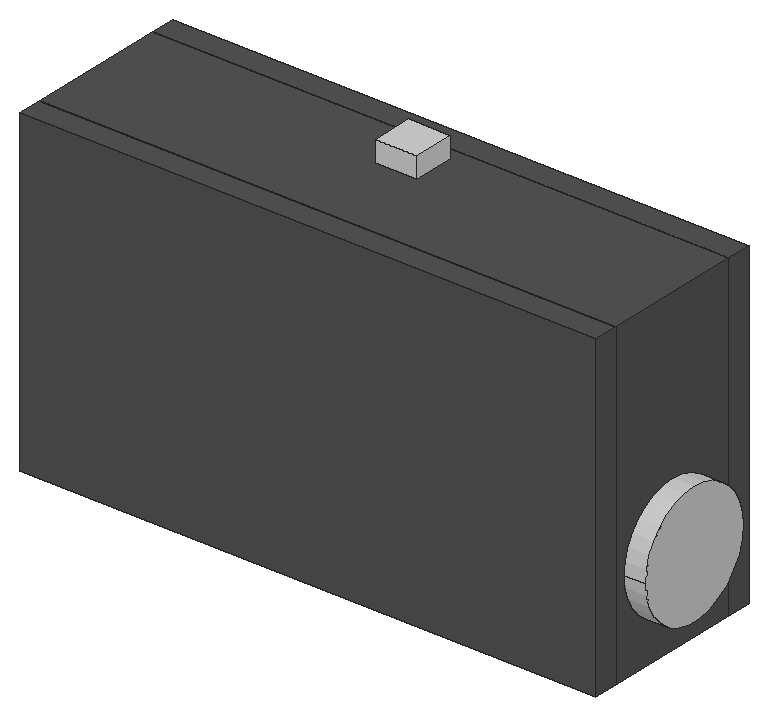
Revit family "Block 1100 (10.24)", category Оборудование, Revit 2019
Family settings
  Размер круглого соединителя = Использовать диаметр
  Классификация = Нет
  Тип детали = Нормальный
  На основе рабочей плоскости = Нет
  Всегда вертикально = Да
  При загрузке вырезать с полостями = Нет
  Общий = Нет
  Точка расчета площади = Нет
Parameters (values of type "Block 1100")
  СЗ Справа [instance] = no
  СЗ Слева [instance] = no
  Ф СЗ = 400 mm  # constant formula
  Материал патрубков = Материал Па
  Материал креплений = Материал Кр
  Материал корпуса = Материал ПУ
  Материал СЗ = Материал СЗ
  Материал КА = Материал КА
  Крепежи [instance] = no
  СЗ КА [instance] = no
  КА отступ 2 = 80 mm  # constant formula
  КА Ширина = 85 mm  # constant formula
  КА Отступ = 50 mm  # constant formula
  КА Высота = 43 mm  # constant formula
  КА [instance] = yes
  П Длина = 45 mm  # constant formula
  КА Длина = 85 mm  # constant formula
  К Стенка Толщина = 50.5 mm  # constant formula
  К Глубина = 392 mm  # constant formula
  П Отступ снизу = 192.5 mm  # constant formula
  П Диаметр = 250 mm  # constant formula
  К Высота = 660 mm  # constant formula
  ADSK_Ток = ADSK_Номинальная мощность / ADSK_Напряжение  # 2.27273 A
  ADSK_Свободный напор воздуха = 200.0 Pa  # constant formula
  ADSK_Расход воздуха приточный = 1100.0 m³/h  # constant formula
  ADSK_Примечание = ""
  ADSK_Номинальная мощность = 500 W
  ADSK_Напряжение = 220 V
  ADSK_Наименование краткое [instance] = "Канальный очиститель с высокой фильтрацией воздуха"  # constant formula
  ADSK_Наименование = "Канальный очиститель с высокой фильтрацией воздуха"  # constant formula
  ADSK_Марка = "Block 1100"  # constant formula
  ADSK_Количество фаз = 1
  ADSK_Количество = 1
  ADSK_Код изделия = ""
  ADSK_Завод-изготовитель = "ООО «Турков»"  # constant formula
  ADSK_Единица измерения = "шт."  # constant formula
  К Длина = 1185 mm  # constant formula
Reference planes
  plane 1 "По центру (Вперед/Назад)": y = 0
  plane 2: z = 0
  plane 3 "По центру (Влево/Вправо)": x = 0
  plane 4: y = 196
  plane 5: x = 592.5
  plane 6: x = -592.5
  plane 7: y = -196
  plane 8: y = 145.5
  plane 9: y = -145.5
  plane 10: z = 660
  plane 11: y = 596
  plane 12: y = -596
  plane 13: z = 610
  plane 14: y = 116
Forms (mm)
  Extrusion 1, solid, material "Материал ПУ" <- "Материал корпуса"
    sketch origin (0, 0, 0) x (1, 0, 0) y (0, 1, 0)
      loop
        line (-592.5, 145.5) -> (-592.5, -145.5) -> (592.5, -145.5) -> (592.5, 145.5) -> (-592.5, 145.5)
    from 0 to 660
  Extrusion 2, solid, material "Материал ПУ" <- "Материал корпуса"
    sketch origin (0, 0, 0) x (1, 0, 0) y (0, 1, 0)
      loop
        line (-592.5, 196) -> (-592.5, 145.5) -> (592.5, 145.5) -> (592.5, 196) -> (-592.5, 196)
      loop
        line (-592.5, -145.5) -> (-592.5, -196) -> (592.5, -196) -> (592.5, -145.5) -> (-592.5, -145.5)
    from 0 to 660
  Extrusion 3, solid, material "Материал СЗ" <- "Материал СЗ", visible <- "СЗ Слева", detail levels fine
    sketch origin (-708.552, -1524, 660) x (-1, 0, 0) y (0, -1, 0)
      loop
        line (-116.052, -2120) -> (-116.052, -1720) -> (-1301.052, -1720) -> (-1301.052, -2120) -> (-116.052, -2120)
    from 0 to -660
  Extrusion 4, solid, material "Материал СЗ" <- "Материал СЗ", visible <- "СЗ Справа", detail levels fine
    sketch origin (0, 0, 0) x (1, 0, 0) y (0, 1, 0)
      loop
        line (-592.5, -196) -> (-592.5, -596) -> (592.5, -596) -> (592.5, -196) -> (-592.5, -196)
    from 0 to 660
Dimensions and locks
  equal spacing: plane 6, plane 3 "По центру (Влево/Вправо)", plane 5
  equal spacing: plane 4, plane 1 "По центру (Вперед/Назад)", plane 7
  "К Длина": plane 6 to plane 5
  "К Глубина": plane 4 to plane 7
  "К Стенка Толщина": plane 4 to plane 8
  "К Стенка Толщина": plane 9 to plane 7
  "К Высота": plane 10 to plane 2
  "Ф СЗ": plane 11 to plane 4
  "Ф СЗ": plane 7 to plane 12
  equal spacing: plane 5, plane 3 "По центру (Влево/Вправо)", plane 6
  "КА Отступ": plane 10 to plane 13
  "КА отступ 2": plane 4 to plane 14
  aligned and locked: level to plane 2
  aligned and locked: Extrusion 1 sketch curve to plane 8
  aligned and locked: plane 6 to Extrusion 1 sketch curve
  aligned and locked: plane 9 to Extrusion 1 sketch curve
  aligned and locked: Extrusion 1 sketch curve to plane 5
  aligned and locked: plane 10 to Extrusion 1
  aligned and locked: plane 6 to Extrusion 2 sketch curve  (x2)
  aligned and locked: Extrusion 2 sketch curve to plane 8
  aligned and locked: Extrusion 2 sketch curve to plane 5  (x2)
  aligned and locked: Extrusion 2 sketch curve to plane 4
  aligned and locked: Extrusion 2 sketch curve to plane 9
  aligned and locked: plane 7 to Extrusion 2 sketch curve
  aligned and locked: plane 10 to Extrusion 2
  aligned and locked: Extrusion 2 to plane 2
  aligned and locked: Extrusion 3 sketch curve to plane 11
  aligned and locked: plane 6 to Extrusion 3 sketch curve
  aligned and locked: plane 4 to Extrusion 3 sketch curve
  aligned and locked: Extrusion 3 sketch curve to plane 5
  aligned and locked: Extrusion 3 to plane 10  (x3)
  aligned and locked: Extrusion 3 to plane 2
  aligned and locked: plane 2 to Extrusion 3  (x2)
  aligned and locked: Extrusion 3 to plane 4
  aligned and locked: plane 4 to Extrusion 2
  aligned and locked: plane 11 to Extrusion 3
  aligned and locked: Extrusion 4 sketch curve to plane 12
  aligned and locked: Extrusion 4 sketch curve to plane 5
  aligned and locked: plane 6 to Extrusion 4 sketch curve
  aligned and locked: Extrusion 4 sketch curve to plane 7
  aligned and locked: plane 10 to Extrusion 4
  aligned and locked: plane 5 to nested 1
  aligned and locked: plane 1 "По центру (Вперед/Назад)" to nested 1
  aligned and locked: plane 2 to nested 1
  aligned and locked: plane 1 "По центру (Вперед/Назад)" to nested 2
  aligned and locked: plane 3 "По центру (Влево/Вправо)" to nested 2
  aligned and locked: nested 2 to plane 2
  aligned and locked: nested 3 to plane 10
  aligned and locked: plane 3 "По центру (Влево/Вправо)" to nested 3
  aligned and locked: nested 3 to plane 14
Nested families
  nested 1: "ПатКр" at (0, 0, 192.5), L <- "К Длина", A <- "П Длина", D <- "П Диаметр", Отст снизу <- "П Отступ снизу", type "ПатКр"
    with Отст снизу 192.5 mm, L 1185 mm, D 250 mm, A 45 mm
  nested 2: "Крепежи" at (0, 0, 0), Высота <- "К Высота", Глубина <- "К Глубина", Длина <- "К Длина", Стенка <- "К Стенка Толщина", visible <- "Крепежи", type "Крепежи"
    with Шп слева-справа yes, Шп сверху-снизу no, Стенка 50.5 mm, Петли no, Отступ з 50 mm, Отст пет 229.784 mm, Опоры no, Опора no, З справа yes, З слева-справа no, З сверху-снизу yes, З посередине no, Длина СЗ 190 mm, Длина 1185 mm, Глубина 392 mm, Высота 660 mm
  nested 3: "КА" at (0, 73.5, 662), Видимость СЗ КА <- "СЗ КА", Видимость КА <- "КА", Длина <- "КА Длина", Ширина <- "КА Ширина", Высота <- "КА Высота", type "КА", detail levels medium+fine
    with Ширина 85 mm, Материал СЗ Материал СЗ, Материал КА Материал КА, Длина 85 mm, Высота 43 mm, Видимость СЗ КА no, Видимость КА yes
Connectors
  hvac at (-637.5, 0, 192.5), driven by "П Диаметр"
    settings: on nested 1, index 1, duct flow 0.0 m³/h, flow factor 0, pres drop 0.0 Pa, loss coef 0, conn angle 0.00°, conn width 304.8 mm, conn height 304.8 mm, conn diameter 250 mm, duct sys type 1, conn prof type 0, flow config 0, flow direction 2, loss method 0, conn ref index 2, conn util no, is conn primary yes, conn desc ""
  hvac at (637.5, 0, 192.5), driven by "П Диаметр"
    settings: on nested 1, index 2, duct flow 0.0 m³/h, flow factor 0, pres drop 0.0 Pa, loss coef 0, conn angle 0.00°, conn width 304.8 mm, conn height 304.8 mm, conn diameter 250 mm, duct sys type 1, conn prof type 0, flow config 0, flow direction 1, loss method 0, conn ref index 1, conn util no, is conn primary no, conn desc ""
Definition of nested family "ПатКр"
  Parameters (values of type "ПатКр")
    П материал = none
    Отст снизу [instance] = 304.8 mm
    D [instance] = 125 mm
    L [instance] = 500 mm
    A [instance] = 40 mm
  Reference planes
    plane 1 "По центру (Вперед/Назад)": y = 0
    plane 2: z = 0
    plane 3 "По центру (Влево/Вправо)": x = 0
    plane 4: x = -250
    plane 5: x = 250
    plane 6: x = -290
    plane 7: x = 290
    plane 8: z = -304.8
  Forms (mm)
    Extrusion 1, solid, material <- "П материал"
      sketch origin (-250, 395.392, 1200) x (0, 1, 0) y (0, 0, 1)
        loop
          circle (-395.392, -1200) r 62.5
      from -40 to 0
    Extrusion 2, solid, material <- "П материал"
      sketch origin (250, 395.392, 1200) x (0, 1, 0) y (0, 0, 1)
        loop
          circle (-395.392, -1200) r 62.5
      from 0 to 40
  Dimensions and locks
    equal spacing: plane 4, plane 3 "По центру (Влево/Вправо)", plane 5
    "L": plane 4 to plane 5
    "A": plane 6 to plane 4
    equal spacing: plane 6, plane 3 "По центру (Влево/Вправо)", plane 7
    "Отст снизу": plane 2 to plane 8
    "D": diameter of Extrusion 1 sketch curve
    "D": diameter of Extrusion 2 sketch curve
    aligned and locked: level to plane 2
    aligned and locked: plane 1 "По центру (Вперед/Назад)" to Extrusion 1 sketch curve
    aligned and locked: level to Extrusion 1 sketch curve
    aligned and locked: Extrusion 1 to plane 6
    aligned and locked: plane 4 to Extrusion 1
    aligned and locked: plane 1 "По центру (Вперед/Назад)" to Extrusion 2 sketch curve
    aligned and locked: plane 2 to Extrusion 2 sketch curve
    aligned and locked: Extrusion 2 to plane 5
    aligned and locked: plane 7 to Extrusion 2
Definition of nested family "Крепежи"
  Parameters (values of type "Крепежи")
    Шп сверху-снизу [instance] = no
    Шп слева-справа [instance] = yes
    Стенка [instance] = 30 mm
    Петли [instance] = no
    Отст пет [instance] = 229.784 mm
    Опоры [instance] = no
    Опора [instance] = no
    Материал = none
    З справа [instance] = if(and([З сверху-снизу], not(З посередине)), 1 = 1, 1 = 0)  # yes
    З слева-справа [instance] = no
    З сверху-снизу [instance] = yes
    З посередине [instance] = no
    Длина СЗ [instance] = 190 mm
    Длина [instance] = 536.692 mm
    Глубина [instance] = 480 mm
    Высота [instance] = 619.568 mm
    Отступ з [instance] = 30 mm
  Reference planes
    plane 1 "По центру (Вперед/Назад)": y = 0
    plane 2: z = 0
    plane 3 "По центру (Влево/Вправо)": x = 0
    plane 4: y = 240
    plane 5: y = -240
    plane 6: x = 268.346
    plane 7: x = -268.346
    plane 8: y = 225
    plane 9: y = -225
    plane 10: x = 238.346
    plane 11: x = -238.346
    plane 12: z = 619.568
    plane 13: z = 589.568
    plane 14: z = 30
    plane 15: z = 309.784
    plane 16: z = 389.784
    plane 17: z = 229.784
    plane 18: x = -78.346
    plane 19: x = -108.346
  Dimensions and locks
    equal spacing: plane 7, plane 3 "По центру (Влево/Вправо)", plane 6
    equal spacing: plane 4, plane 1 "По центру (Вперед/Назад)", plane 5
    locked: plane 4 to plane 8 at 15
    "Отступ з": plane 7 to plane 11
    equal spacing: plane 8, plane 1 "По центру (Вперед/Назад)", plane 9
    "Длина": plane 7 to plane 6
    "Глубина": plane 4 to plane 5
    equal spacing: plane 11, plane 3 "По центру (Влево/Вправо)", plane 10
    equal spacing: plane 12, plane 15, plane 2
    "Высота": plane 12 to plane 2
    equal spacing: plane 13, plane 15, plane 14
    "Отступ з": plane 12 to plane 13
    "Стенка": nested 29 to plane 5
    "Стенка": plane 4 to nested 30
    equal spacing: plane 16, plane 15, plane 17
    "Отст пет": plane 12 to plane 16
    "Отступ з": plane 19 to plane 18
    "Длина СЗ": plane 7 to plane 18
    aligned and locked: level to plane 2
    aligned and locked: plane 8 to nested 1  (x3)
    aligned and locked: plane 11 to nested 1
    aligned and locked: plane 8 to nested 2  (x3)
    aligned and locked: plane 10 to nested 2
    aligned and locked: plane 9 to nested 3  (x2)
    aligned and locked: plane 9 to nested 4  (x2)
    aligned and locked: nested 3 to plane 11
    aligned and locked: nested 4 to plane 10
    aligned and locked: nested 3 to plane 2
    aligned and locked: plane 2 to nested 1
    aligned and locked: nested 4 to plane 2
    aligned and locked: plane 2 to nested 2
    aligned and locked: nested 7 to plane 12
    aligned and locked: plane 12 to nested 5  (x2)
    aligned and locked: plane 12 to nested 7
    aligned and locked: nested 8 to plane 12
    aligned and locked: plane 12 to nested 6
    aligned and locked: plane 12 to nested 8
    aligned and locked: plane 14 to nested 9
    aligned and locked: plane 8 to nested 10  (x3)
    aligned and locked: plane 8 to nested 9  (x3)
    aligned and locked: plane 13 to nested 10
    aligned and locked: plane 9 to nested 12  (x2)
    aligned and locked: plane 9 to nested 11  (x2)
    aligned and locked: nested 11 to plane 14
    aligned and locked: nested 12 to plane 13
    aligned and locked: nested 12 to plane 7  (x2)
    aligned and locked: plane 7 to nested 10
    aligned and locked: nested 11 to plane 7  (x2)
    aligned and locked: plane 7 to nested 9
    aligned and locked: nested 16 to plane 6
    aligned and locked: plane 6 to nested 14
    aligned and locked: plane 6 to nested 16
    aligned and locked: nested 15 to plane 6
    aligned and locked: plane 6 to nested 13  (x2)
    aligned and locked: plane 6 to nested 15
    aligned and locked: nested 5 to plane 11
    aligned and locked: plane 11 to nested 7
    aligned and locked: nested 6 to plane 10
    aligned and locked: plane 10 to nested 8
    aligned and locked: nested 16 to plane 9  (x3)
    aligned and locked: nested 15 to plane 9  (x3)
    aligned and locked: nested 8 to plane 9  (x3)
    aligned and locked: nested 4 to plane 9
    aligned and locked: nested 7 to plane 9  (x3)
    aligned and locked: nested 3 to plane 9
    aligned and locked: nested 12 to plane 9
    aligned and locked: nested 14 to plane 8  (x2)
    aligned and locked: nested 13 to plane 8  (x2)
    aligned and locked: plane 8 to nested 14
    aligned and locked: nested 6 to plane 8  (x2)
    aligned and locked: plane 8 to nested 6
    aligned and locked: nested 5 to plane 8  (x2)
    aligned and locked: plane 8 to nested 5
    aligned and locked: plane 8 to nested 13
    aligned and locked: nested 11 to plane 9
    aligned and locked: nested 14 to plane 13
    aligned and locked: plane 13 to nested 16
    aligned and locked: plane 14 to nested 15
    aligned and locked: nested 13 to plane 14
    aligned and locked: plane 1 "По центру (Вперед/Назад)" to nested 17
    aligned and locked: plane 6 to nested 17  (x3)
    aligned and locked: plane 1 "По центру (Вперед/Назад)" to nested 18
    aligned and locked: nested 18 to plane 12  (x3)
    aligned and locked: nested 17 to plane 12  (x3)
    aligned and locked: plane 7 to nested 18
    aligned and locked: nested 20 to plane 7  (x2)
    aligned and locked: nested 19 to plane 6  (x2)
    aligned and locked: nested 20 to plane 2  (x3)
    aligned and locked: nested 19 to plane 2  (x3)
    aligned and locked: plane 12 to nested 21
    aligned and locked: nested 23 to plane 12
    aligned and locked: plane 12 to nested 17
    aligned and locked: plane 12 to nested 18
    aligned and locked: plane 2 to nested 22
    aligned and locked: nested 22 to plane 2  (x2)
    aligned and locked: plane 2 to nested 20
    aligned and locked: plane 2 to nested 19
    aligned and locked: nested 24 to plane 2  (x2)
    aligned and locked: plane 2 to nested 24
    aligned and locked: plane 6 to nested 19
    aligned and locked: plane 6 to nested 24  (x3)
    aligned and locked: nested 24 to plane 6
    aligned and locked: plane 6 to nested 23  (x3)
    aligned and locked: nested 23 to plane 6
    aligned and locked: nested 18 to plane 7  (x2)
    aligned and locked: plane 7 to nested 21  (x3)
    aligned and locked: nested 21 to plane 7
    aligned and locked: plane 7 to nested 22  (x3)
    aligned and locked: nested 22 to plane 7
    aligned and locked: plane 7 to nested 20
    aligned and locked: nested 20 to plane 1 "По центру (Вперед/Назад)"
    aligned and locked: plane 1 "По центру (Вперед/Назад)" to nested 21
    aligned and locked: plane 1 "По центру (Вперед/Назад)" to nested 22
    aligned and locked: nested 19 to plane 1 "По центру (Вперед/Назад)"
    aligned and locked: nested 23 to plane 1 "По центру (Вперед/Назад)"
    aligned and locked: nested 24 to plane 1 "По центру (Вперед/Назад)"
    aligned and locked: nested 25 to plane 7
    aligned and locked: plane 6 to nested 26
    aligned and locked: nested 25 to plane 12
    aligned and locked: nested 26 to plane 12
    aligned and locked: nested 27 to plane 2
    aligned and locked: nested 28 to plane 2
    aligned and locked: nested 28 to plane 6
    aligned and locked: plane 7 to nested 27
    aligned and locked: plane 1 "По центру (Вперед/Назад)" to nested 25
    aligned and locked: nested 27 to plane 1 "По центру (Вперед/Назад)"
    aligned and locked: plane 1 "По центру (Вперед/Назад)" to nested 26
    aligned and locked: nested 28 to plane 1 "По центру (Вперед/Назад)"
    aligned and locked: nested 29 to plane 2  (x2)
    aligned and locked: nested 30 to plane 2  (x2)
    aligned and locked: plane 2 to nested 29  (x2)
    aligned and locked: plane 2 to nested 30  (x2)
    aligned and locked: nested 29 to plane 3 "По центру (Влево/Вправо)"
    aligned and locked: nested 30 to plane 3 "По центру (Влево/Вправо)"
    aligned and locked: plane 7 to nested 31
    aligned and locked: plane 7 to nested 32
    aligned and locked: plane 7 to nested 33
    aligned and locked: plane 7 to nested 34
    aligned and locked: plane 6 to nested 35
    aligned and locked: plane 6 to nested 36
    aligned and locked: plane 6 to nested 37
    aligned and locked: plane 6 to nested 38
    aligned and locked: plane 17 to nested 33
    aligned and locked: plane 17 to nested 34
    aligned and locked: nested 37 to plane 17
    aligned and locked: nested 38 to plane 17
    aligned and locked: plane 16 to nested 35
    aligned and locked: plane 16 to nested 36
    aligned and locked: nested 31 to plane 16
    aligned and locked: nested 32 to plane 16
    aligned and locked: nested 31 to plane 5
    aligned and locked: plane 5 to nested 35
    aligned and locked: nested 33 to plane 5
    aligned and locked: plane 5 to nested 37
    aligned and locked: plane 4 to nested 32
    aligned and locked: nested 36 to plane 4
    aligned and locked: plane 4 to nested 34
    aligned and locked: nested 38 to plane 4
    aligned and locked: nested 39 to plane 8  (x2)
    aligned and locked: plane 8 to nested 39
    aligned and locked: nested 40 to plane 9  (x3)
    aligned and locked: nested 39 to plane 19
    aligned and locked: plane 19 to nested 40
    aligned and locked: plane 8 to nested 41  (x3)
    aligned and locked: plane 9 to nested 42  (x2)
    aligned and locked: nested 42 to plane 9
    aligned and locked: nested 42 to plane 19
    aligned and locked: plane 19 to nested 41
    aligned and locked: nested 42 to plane 2  (x2)
    aligned and locked: plane 2 to nested 41
    aligned and locked: nested 40 to plane 12
    aligned and locked: plane 12 to nested 39
    aligned and locked: plane 12 to nested 40
  Nested families
    nested 1: "Защелки" at (-238.346, 125, -18.5), visible <- "З сверху-снизу", type "Защелки"
      with L 100 mm
    nested 2: "Защелки" at (238.346, 125, -18.5), visible <- "З справа", type "Защелки"
      with L 100 mm
    nested 3: "Защелки" at (-238.346, -125, -18.5), visible <- "З сверху-снизу", type "Защелки"
      with L 100 mm
    nested 4: "Защелки" at (238.346, -125, -18.5), visible <- "З справа", type "Защелки"
      with L 100 mm
    nested 5: "Защелки" at (-238.346, 125, 638.068) x (1, 0, 0) z (0, 0, -1), visible <- "З сверху-снизу", type "Защелки"
      with L 100 mm
    nested 6: "Защелки" at (238.346, 125, 638.068) x (1, 0, 0) z (0, 0, -1), visible <- "З справа", type "Защелки"
      with L 100 mm
    nested 7: "Защелки" at (-238.346, -125, 638.068) x (1, 0, 0) z (0, 0, -1), visible <- "З сверху-снизу", type "Защелки"
      with L 100 mm
    nested 8: "Защелки" at (238.346, -125, 638.068) x (1, 0, 0) z (0, 0, -1), visible <- "З справа", type "Защелки"
      with L 100 mm
    nested 9: "Защелки" at (-268.346, 125, 30) x (0, 0, 1) z (-1, 0, 0), visible <- "З слева-справа", type "Защелки"
      with L 100 mm
    nested 10: "Защелки" at (-268.346, 125, 589.568) x (0, 0, 1) z (-1, 0, 0), visible <- "З слева-справа", type "Защелки"
      with L 100 mm
    nested 11: "Защелки" at (-268.346, -125, 30) x (0, 0, 1) z (-1, 0, 0), visible <- "З слева-справа", type "Защелки"
      with L 100 mm
    nested 12: "Защелки" at (-268.346, -125, 589.568) x (0, 0, 1) z (-1, 0, 0), visible <- "З слева-справа", type "Защелки"
      with L 100 mm
    nested 13: "Защелки" at (268.346, 125, 30) x (0, 0, 1) z (1, 0, 0), visible <- "З слева-справа", type "Защелки"
      with L 100 mm
    nested 14: "Защелки" at (268.346, 125, 589.568) x (0, 0, 1) z (1, 0, 0), visible <- "З слева-справа", type "Защелки"
      with L 100 mm
    nested 15: "Защелки" at (268.346, -125, 30) x (0, 0, 1) z (1, 0, 0), visible <- "З слева-справа", type "Защелки"
      with L 100 mm
    nested 16: "Защелки" at (268.346, -125, 589.568) x (0, 0, 1) z (1, 0, 0), visible <- "З слева-справа", type "Защелки"
      with L 100 mm
    nested 17: "Крепеж" at (248.346, 0, 619.568), visible <- "Шп сверху-снизу", type "Крепеж"
      with A 40 mm
    nested 18: "Крепеж" at (-248.346, 0, 619.568), visible <- "Шп сверху-снизу", type "Крепеж"
      with A 40 mm
    nested 19: "Крепеж" at (248.346, 0, 0) x (1, 0, 0) z (0, 0, -1), visible <- "Шп сверху-снизу", type "Крепеж"
      with A 40 mm
    nested 20: "Крепеж" at (-248.346, 0, 0) x (1, 0, 0) z (0, 0, -1), visible <- "Шп сверху-снизу", type "Крепеж"
      with A 40 mm
    nested 21: "Крепеж" at (-268.346, 0, 599.568) x (0, 0, 1) z (-1, 0, 0), visible <- "Шп слева-справа", type "Крепеж"
      with A 40 mm
    nested 22: "Крепеж" at (-268.346, 0, 20) x (0, 0, 1) z (-1, 0, 0), visible <- "Шп слева-справа", type "Крепеж"
      with A 40 mm
    nested 23: "Крепеж" at (268.346, 0, 599.568) x (0, 0, 1) z (1, 0, 0), visible <- "Шп слева-справа", type "Крепеж"
      with A 40 mm
    nested 24: "Крепеж" at (268.346, 0, 20) x (0, 0, 1) z (1, 0, 0), visible <- "Шп слева-справа", type "Крепеж"
      with A 40 mm
    nested 25: "Опора" at (-205.846, 0, 619.568), L <- "Глубина", Ot <- "Стенка", visible <- "Опоры", type "Опора"
      with Ot 30 mm, L 480 mm, A 40 mm
    nested 26: "Опора" at (205.846, 0, 619.568), L <- "Глубина", Ot <- "Стенка", visible <- "Опоры", type "Опора"
      with Ot 30 mm, L 480 mm, A 40 mm
    nested 27: "Опора" at (-205.846, 0, 0) x (1, 0, 0) z (0, 0, -1), L <- "Глубина", Ot <- "Стенка", visible <- "Опоры", type "Опора"
      with Ot 30 mm, L 480 mm, A 40 mm
    nested 28: "Опора" at (205.846, 0, 0) x (1, 0, 0) z (0, 0, -1), L <- "Глубина", Ot <- "Стенка", visible <- "Опоры", type "Опора"
      with Ot 30 mm, L 480 mm, A 40 mm
    nested 29: "Опора" at (0, -147.5, 0) x (0, 1, 0) z (0, 0, -1), L <- "Длина", visible <- "Опора", type "Опора"
      with Ot 10 mm, L 536.692 mm, A 40 mm
    nested 30: "Опора" at (0, 147.5, 0) x (0, 1, 0) z (0, 0, -1), L <- "Длина", visible <- "Опора", type "Опора"
      with Ot 10 mm, L 536.692 mm, A 40 mm
    nested 31: "Петля" at (-268.346, -195, 389.784) x (0, 1, 0) z (-1, 0, 0), visible <- "Петли", type "Петля"
    nested 32: "Петля" at (-268.346, 195, 389.784) x (0, 1, 0) z (-1, 0, 0), visible <- "Петли", type "Петля"
    nested 33: "Петля" at (-268.346, -195, 229.784) x (0, 1, 0) z (-1, 0, 0), visible <- "Петли", type "Петля"
    nested 34: "Петля" at (-268.346, 195, 229.784) x (0, 1, 0) z (-1, 0, 0), visible <- "Петли", type "Петля"
    nested 35: "Петля" at (268.346, -195, 389.784) x (0, 1, 0) z (1, 0, 0), visible <- "Петли", type "Петля"
    nested 36: "Петля" at (268.346, 195, 389.784) x (0, 1, 0) z (1, 0, 0), visible <- "Петли", type "Петля"
    nested 37: "Петля" at (268.346, -195, 229.784) x (0, 1, 0) z (1, 0, 0), visible <- "Петли", type "Петля"
    nested 38: "Петля" at (268.346, 195, 229.784) x (0, 1, 0) z (1, 0, 0), visible <- "Петли", type "Петля"
    nested 39: "Защелки" at (-108.346, 125, 638.068) x (1, 0, 0) z (0, 0, -1), visible <- "З посередине", type "Защелки"
      with L 100 mm
    nested 40: "Защелки" at (-108.346, -125, 638.068) x (1, 0, 0) z (0, 0, -1), visible <- "З посередине", type "Защелки"
      with L 100 mm
    nested 41: "Защелки" at (-108.346, 125, -18.5), visible <- "З посередине", type "Защелки"
      with L 100 mm
    nested 42: "Защелки" at (-108.346, -125, -18.5), visible <- "З посередине", type "Защелки"
      with L 100 mm
  Definition of nested family "Защелки"
    Parameters (values of type "Защелки")
      Материал п = none
      c = 30 mm  # constant formula
      b = 30 mm  # constant formula
      a = 15 mm  # constant formula
      L [instance] = 100 mm  # constant formula
    Reference planes
      plane 1 "По центру (Вперед/Назад)": y = 0
      plane 2: z = 0
      plane 3 "По центру (Влево/Вправо)": x = 0
      plane 4: y = 100
      plane 5: x = 7.5
      plane 6: x = -7.5
      plane 7: y = 70
    Forms (mm)
      Extrusion 1, solid, material <- "Материал п"
        sketch origin (120.578, -42.722, 0) x (1, 0, 0) y (0, 1, 0)
          loop
            line (-128.078, 112.722) -> (-128.078, 42.722) -> (-113.078, 42.722) -> (-113.078, 112.722) -> (-105.578, 142.722) -> (-135.578, 142.722) -> (-128.078, 112.722)
        from 0 to 18.5
    Dimensions and locks
      "L": plane 4 to plane 1 "По центру (Вперед/Назад)"
      equal spacing: plane 6, plane 3 "По центру (Влево/Вправо)", plane 5
      "a": plane 6 to plane 5
      "b": plane 4 to plane 7
      equal spacing: Extrusion 1 sketch curve, plane 3 "По центру (Влево/Вправо)", Extrusion 1 sketch curve
      "c": Extrusion 1 sketch curve to Extrusion 1 sketch curve
      aligned and locked: level to plane 2
      aligned and locked: Extrusion 1 sketch curve to plane 6
      aligned and locked: plane 5 to Extrusion 1 sketch curve
      aligned and locked: plane 1 "По центру (Вперед/Назад)" to Extrusion 1 sketch curve
      aligned and locked: plane 7 to Extrusion 1 sketch curve  (x2)
      aligned and locked: Extrusion 1 sketch curve to plane 4
  Definition of nested family "Крепеж"
    Parameters (values of type "Крепеж")
      П материал = none
      d = 80 mm  # constant formula
      c = 10 mm  # constant formula
      b = 49 mm  # constant formula
      A [instance] = 40 mm  # constant formula
    Reference planes
      plane 1 "По центру (Вперед/Назад)": y = 0
      plane 2: z = 0
      plane 3 "По центру (Влево/Вправо)": x = 0
      plane 4: x = -20
      plane 5: x = 20
      plane 6: z = 49
    Forms (mm)
      Extrusion 1, solid, material <- "П материал"
        sketch origin (0, 0, 0) x (1, 0, 0) y (0, 0, 1)
          loop
            line (-20, 49) -> (-20, 0) -> (20, 0) -> (20, 49) -> (5, 49) -> (5, 27)
            arc (5, 27) -> (0, 22) -> (-5, 27) r 5
            line (-5, 27) -> (-5, 49) -> (-20, 49)
        from -1 to 1
      Extrusion 2, solid, material <- "П материал"
        sketch origin (0, 0, 0) x (1, 0, 0) y (0, 1, 0)
          loop
            line (-20, 40) -> (-20, -40) -> (20, -40) -> (20, 40) -> (-20, 40)
        from 0 to 2
    Dimensions and locks
      equal spacing: plane 5, plane 3 "По центру (Влево/Вправо)", plane 4
      "A": plane 5 to plane 4
      "b": plane 6 to plane 2
      equal spacing: Extrusion 1 sketch curve, plane 3 "По центру (Влево/Вправо)", Extrusion 1 sketch curve
      "c": Extrusion 1 sketch curve to Extrusion 1 sketch curve
      plane 6 to Extrusion 1 sketch curve = 22 mm
      equal spacing: Extrusion 2 sketch curve, plane 1 "По центру (Вперед/Назад)", Extrusion 2 sketch curve
      "d": Extrusion 2 sketch curve to Extrusion 2 sketch curve
      aligned and locked: level to plane 2
      aligned and locked: plane 4 to Extrusion 1 sketch curve
      aligned and locked: Extrusion 1 sketch curve to plane 5
      aligned and locked: Extrusion 1 sketch curve to plane 6
      aligned and locked: plane 2 to Extrusion 1 sketch curve
      aligned and locked: plane 4 to Extrusion 2 sketch curve
      aligned and locked: Extrusion 2 sketch curve to plane 5
    Automatic sketch dimensions
      Extrusion 1 sketch curve to plane 6 = 0 mm
  Definition of nested family "Опора"
    Parameters (values of type "Опора")
      с = 20 mm
      к = 1.5 mm
      в = 30 mm
      а = 82 mm
      П материал = none
      d = 80 mm  # constant formula
      c = 10 mm  # constant formula
      b = 49 mm  # constant formula
      Ot [instance] = 30 mm
      L [instance] = 277.284 mm
      A [instance] = 40 mm  # constant formula
    Reference planes
      plane 1 "По центру (Вперед/Назад)": y = 0
      plane 2: z = 0
      plane 3 "По центру (Влево/Вправо)": x = 0
      plane 4: z = 49
      plane 5: y = 138.642
      plane 6: y = -138.642
      plane 7: y = 108.642
      plane 8: y = -108.642
    Forms (mm)
      Extrusion 1, solid, material <- "П материал"
        sketch origin (0, 0, 0) x (1, 0, 0) y (0, 0, 1)
          loop
            arc (-41.548, 31.5) -> (-42.221, 31.221) -> (-42.5, 30.548) r 0.952
            line (-42.5, 30.548) -> (-42.5, 2.55)
            arc (-42.5, 2.55) -> (-42.807, 1.807) -> (-43.55, 1.5) r 1.05
            line (-43.55, 1.5) -> (-62.5, 1.5) -> (-62.5, 0) -> (-42.044, 0)
            arc (-42.044, 0) -> (-41.306, 0.306) -> (-41, 1.044) r 1.044
            line (-41, 1.044) -> (-41, 28.952)
            arc (-41, 28.952) -> (-40.693, 29.693) -> (-39.952, 30) r 1.048
            line (-39.952, 30) -> (39.989, 30)
            arc (39.989, 30) -> (40.704, 29.704) -> (41, 28.989) r 1.011
            line (41, 28.989) -> (41, 1.013)
            arc (41, 1.013) -> (41.297, 0.297) -> (42.013, 0) r 1.013
            line (42.013, 0) -> (62.5, 0) -> (62.5, 1.5) -> (43.502, 1.5)
            arc (43.502, 1.5) -> (42.793, 1.793) -> (42.5, 2.502) r 1.002
            line (42.5, 2.502) -> (42.5, 30.489)
            arc (42.5, 30.489) -> (42.204, 31.204) -> (41.489, 31.5) r 1.011
            line (41.489, 31.5) -> (-41.548, 31.5)
        from -108.642 to 108.642
    Dimensions and locks
      equal spacing: Extrusion 1 sketch curve, plane 3 "По центру (Влево/Вправо)", Extrusion 1 sketch curve  (x2)
      "а": Extrusion 1 sketch curve to Extrusion 1 sketch curve
      "к": Extrusion 1 sketch curve to Extrusion 1 sketch curve  (x4)
      "с": Extrusion 1 sketch curve to Extrusion 1 sketch curve
      "в": Extrusion 1 sketch curve to plane 2
      equal spacing: plane 5, plane 1 "По центру (Вперед/Назад)", plane 6
      "L": plane 5 to plane 6
      "Ot": plane 5 to plane 7
      equal spacing: plane 7, plane 1 "По центру (Вперед/Назад)", plane 8
      aligned and locked: level to plane 2
      aligned and locked: Extrusion 1 sketch curve to Extrusion 1 sketch curve
      aligned and locked: plane 7 to Extrusion 1
      aligned and locked: Extrusion 1 to plane 8
    Automatic sketch dimensions
      Extrusion 1 sketch curve to level = 0 mm  (x2)
      Extrusion 1 sketch curve to Extrusion 1 sketch curve = 1.05 mm
      Extrusion 1 sketch curve to Extrusion 1 sketch curve = 1.044 mm
      Extrusion 1 sketch curve to Extrusion 1 sketch curve = 0.952 mm
      Extrusion 1 sketch curve to Extrusion 1 sketch curve = 1.048 mm
      Extrusion 1 sketch curve to Extrusion 1 sketch curve = 1.011 mm  (x2)
      Extrusion 1 sketch curve to Extrusion 1 sketch curve = 1.013 mm
      Extrusion 1 sketch curve to Extrusion 1 sketch curve = 1.002 mm
  Definition of nested family "Петля"
    Parameters (values of type "Петля")
      П материал = none
      c = 80 mm
      b = 40 mm
      a = 10 mm
    Reference planes
      plane 1 "По центру (Вперед/Назад)": y = 0
      plane 2: z = 0
      plane 3 "По центру (Влево/Вправо)": x = 0
    Forms (mm)
      Extrusion 1, solid, material <- "П материал"
        sketch origin (0, 0, 0) x (1, 0, 0) y (0, 1, 0)
          loop
            line (-45, 40) -> (-45, -40) -> (-5, -40) -> (-5, 40) -> (-45, 40)
          loop
            line (45, 40) -> (5, 40) -> (5, -40) -> (45, -40) -> (45, 40)
        from 0 to 2
      Extrusion 2, solid, material <- "П материал"
        sketch origin (0, 0, 0) x (1, 0, 0) y (0, 0, 1)
          loop
            line (0, 50) -> (-6.587, 50)
            arc (-6.587, 50) -> (-8.7, 49.532) -> (-10.417, 48.214) r 5
            line (-10.417, 48.214) -> (-42.56, 9.908)
            arc (-42.56, 9.908) -> (-44.371, 6.771) -> (-45, 3.204) r 10.43
            line (-45, 3.204) -> (-45, 2) -> (-5, 2) -> (-5, 5.194)
            arc (-5, 5.194) -> (-4.844, 6.973) -> (-4.382, 8.697) r 10.241
            line (-4.382, 8.697) -> (7.309, 40.82)
            arc (7.309, 40.82) -> (5.867, 47.172) -> (0, 50) r 7.5
        from 39 to 40
      Extrusion 3, solid, material <- "П материал"
        sketch origin (0, 55, 0) x (1, 0, 0) y (0, 0, 1)
          loop
            line (0, 50) -> (-6.587, 50)
            arc (-6.587, 50) -> (-8.7, 49.532) -> (-10.417, 48.214) r 5
            line (-10.417, 48.214) -> (-42.56, 9.908)
            arc (-42.56, 9.908) -> (-44.371, 6.771) -> (-45, 3.204) r 10.43
            line (-45, 3.204) -> (-45, 2) -> (-5, 2) -> (-5, 5.194)
            arc (-5, 5.194) -> (-4.844, 6.973) -> (-4.382, 8.697) r 10.241
            line (-4.382, 8.697) -> (7.309, 40.82)
            arc (7.309, 40.82) -> (5.867, 47.172) -> (0, 50) r 7.5
        from 15 to 16
      Extrusion 4, solid, material <- "П материал"
        sketch origin (0, 0, 0) x (-1, 0, 0) y (0, 0, -1)
          loop
            arc (0, -50) -> (5.867, -47.172) -> (7.309, -40.82) r 7.5
            line (7.309, -40.82) -> (-4.382, -8.697)
            arc (-4.382, -8.697) -> (-4.844, -6.973) -> (-5, -5.194) r 10.241
            line (-5, -5.194) -> (-5, -2) -> (-45, -2) -> (-45, -3.204)
            arc (-45, -3.204) -> (-44.371, -6.771) -> (-42.56, -9.908) r 10.43
            line (-42.56, -9.908) -> (-10.417, -48.214)
            arc (-10.417, -48.214) -> (-8.7, -49.532) -> (-6.587, -50) r 5
            line (-6.587, -50) -> (0, -50)
        from 38 to 39
      Extrusion 5, solid, material <- "П материал"
        sketch origin (0, 55, 0) x (-1, 0, 0) y (0, 0, -1)
          loop
            arc (0, -50) -> (5.867, -47.172) -> (7.309, -40.82) r 7.5
            line (7.309, -40.82) -> (-4.382, -8.697)
            arc (-4.382, -8.697) -> (-4.844, -6.973) -> (-5, -5.194) r 10.241
            line (-5, -5.194) -> (-5, -2) -> (-45, -2) -> (-45, -3.204)
            arc (-45, -3.204) -> (-44.371, -6.771) -> (-42.56, -9.908) r 10.43
            line (-42.56, -9.908) -> (-10.417, -48.214)
            arc (-10.417, -48.214) -> (-8.7, -49.532) -> (-6.587, -50) r 5
            line (-6.587, -50) -> (0, -50)
        from 16 to 17
    Dimensions and locks
      equal spacing: Extrusion 1 sketch curve, plane 3 "По центру (Влево/Вправо)", Extrusion 1 sketch curve  (x2)
      equal spacing: Extrusion 1 sketch curve, plane 1 "По центру (Вперед/Назад)", Extrusion 1 sketch curve
      "a": Extrusion 1 sketch curve to Extrusion 1 sketch curve
      "b": Extrusion 1 sketch curve to Extrusion 1 sketch curve
      "c": Extrusion 1 sketch curve to Extrusion 1 sketch curve
      locked: Extrusion 2 to Extrusion 2 at 1
      locked: Extrusion 3 to Extrusion 3 at 1
      locked: Extrusion 4 to Extrusion 4 at 1
      locked: Extrusion 5 to Extrusion 5 at 1
      aligned and locked: level to plane 2
      aligned and locked: Extrusion 1 sketch curve to Extrusion 1 sketch curve  (x2)
      aligned and locked: Extrusion 2 to Extrusion 1
      aligned and locked: Extrusion 3 to Extrusion 1
      aligned and locked: Extrusion 5 to Extrusion 3
      aligned and locked: Extrusion 4 to Extrusion 2
    Automatic sketch dimensions
      Extrusion 2 sketch curve to plane 3 "По центру (Влево/Вправо)" = 0 mm
      Extrusion 2 sketch curve to plane 3 "По центру (Влево/Вправо)" = 4.382 mm
      Extrusion 2 sketch curve to Extrusion 2 sketch curve = 0.618 mm
      Extrusion 2 sketch curve to plane 3 "По центру (Влево/Вправо)" = 6.587 mm
      Extrusion 2 sketch curve to Extrusion 2 sketch curve = 3.83 mm
      level to Extrusion 2 sketch curve = 3.204 mm
      Extrusion 2 sketch curve to Extrusion 2 sketch curve = 29.57 mm
      level to Extrusion 2 sketch curve = 9.908 mm
      Extrusion 2 sketch curve to Extrusion 2 sketch curve = 7.99 mm
      plane 3 "По центру (Влево/Вправо)" to Extrusion 2 sketch curve = 5.241 mm
      plane 3 "По центру (Влево/Вправо)" to Extrusion 2 sketch curve = 7.309 mm
      Extrusion 2 sketch curve to Extrusion 2 sketch curve = 1.204 mm
      Extrusion 2 sketch curve to Extrusion 2 sketch curve = 3.194 mm
      Extrusion 2 sketch curve to Extrusion 2 sketch curve = 32.123 mm
      Extrusion 2 sketch curve to Extrusion 2 sketch curve = 1.68 mm
      Extrusion 2 sketch curve to Extrusion 2 sketch curve = 5 mm
      Extrusion 3 sketch curve to plane 3 "По центру (Влево/Вправо)" = 0 mm
      Extrusion 3 sketch curve to plane 3 "По центру (Влево/Вправо)" = 4.382 mm
      Extrusion 3 sketch curve to Extrusion 3 sketch curve = 0.618 mm
      Extrusion 3 sketch curve to plane 3 "По центру (Влево/Вправо)" = 6.587 mm
      Extrusion 3 sketch curve to Extrusion 3 sketch curve = 3.83 mm
      level to Extrusion 3 sketch curve = 3.204 mm
      Extrusion 3 sketch curve to Extrusion 3 sketch curve = 29.57 mm
      level to Extrusion 3 sketch curve = 9.908 mm
      Extrusion 3 sketch curve to Extrusion 3 sketch curve = 7.99 mm
      plane 3 "По центру (Влево/Вправо)" to Extrusion 3 sketch curve = 5.241 mm
      plane 3 "По центру (Влево/Вправо)" to Extrusion 3 sketch curve = 7.309 mm
      Extrusion 3 sketch curve to Extrusion 3 sketch curve = 1.204 mm
      Extrusion 3 sketch curve to Extrusion 3 sketch curve = 3.194 mm
      Extrusion 3 sketch curve to Extrusion 3 sketch curve = 32.123 mm
      Extrusion 3 sketch curve to Extrusion 3 sketch curve = 1.68 mm
      Extrusion 3 sketch curve to Extrusion 3 sketch curve = 5 mm
      Extrusion 4 sketch curve to plane 3 "По центру (Влево/Вправо)" = 0 mm
      Extrusion 4 sketch curve to plane 3 "По центру (Влево/Вправо)" = 4.382 mm
      Extrusion 4 sketch curve to Extrusion 4 sketch curve = 0.618 mm
      Extrusion 4 sketch curve to plane 3 "По центру (Влево/Вправо)" = 6.587 mm
      Extrusion 4 sketch curve to Extrusion 4 sketch curve = 3.83 mm
      Extrusion 4 sketch curve to level = 3.204 mm
      Extrusion 4 sketch curve to Extrusion 4 sketch curve = 29.57 mm
      Extrusion 4 sketch curve to level = 9.908 mm
      Extrusion 4 sketch curve to Extrusion 4 sketch curve = 7.99 mm
      plane 3 "По центру (Влево/Вправо)" to Extrusion 4 sketch curve = 5.241 mm
      plane 3 "По центру (Влево/Вправо)" to Extrusion 4 sketch curve = 7.309 mm
      Extrusion 4 sketch curve to Extrusion 4 sketch curve = 1.204 mm
      Extrusion 4 sketch curve to Extrusion 4 sketch curve = 3.194 mm
      Extrusion 4 sketch curve to Extrusion 4 sketch curve = 32.123 mm
      Extrusion 4 sketch curve to Extrusion 4 sketch curve = 1.68 mm
      Extrusion 4 sketch curve to Extrusion 4 sketch curve = 5 mm
      Extrusion 5 sketch curve to plane 3 "По центру (Влево/Вправо)" = 0 mm
      plane 3 "По центру (Влево/Вправо)" to Extrusion 5 sketch curve = 4.382 mm
      Extrusion 5 sketch curve to Extrusion 5 sketch curve = 0.618 mm
      plane 3 "По центру (Влево/Вправо)" to Extrusion 5 sketch curve = 6.587 mm
      Extrusion 5 sketch curve to Extrusion 5 sketch curve = 3.83 mm
      level to Extrusion 5 sketch curve = 3.204 mm
      Extrusion 5 sketch curve to Extrusion 5 sketch curve = 29.57 mm
      level to Extrusion 5 sketch curve = 9.908 mm
      Extrusion 5 sketch curve to Extrusion 5 sketch curve = 7.99 mm
      Extrusion 5 sketch curve to plane 3 "По центру (Влево/Вправо)" = 5.241 mm
      Extrusion 5 sketch curve to plane 3 "По центру (Влево/Вправо)" = 7.309 mm
      level to Extrusion 5 sketch curve = 40.82 mm
      Extrusion 5 sketch curve to Extrusion 5 sketch curve = 1.68 mm
      Extrusion 5 sketch curve to Extrusion 5 sketch curve = 5 mm
      level to Extrusion 5 sketch curve = 8.697 mm
      level to Extrusion 5 sketch curve = 2 mm
Definition of nested family "КА"
  Parameters (values of type "КА")
    с = 200 mm
    СЗ = 300 mm  # constant formula
    Материал СЗ [instance] = none
    Материал КА [instance] = none
    Высота [instance] = 120 mm
    Ширина [instance] = 200 mm
    Длина [instance] = 308 mm
    Видимость СЗ КА [instance] = yes
    Видимость КА [instance] = yes
    e = 2 mm  # constant formula
    d = 25 mm  # constant formula
    c = 45 mm  # constant formula
    b = 1 mm  # constant formula
    a = 16 mm  # constant formula
  Reference planes
    plane 1 "По центру (Вперед/Назад)": y = 0
    plane 2: z = 0
    plane 3 "По центру (Влево/Вправо)": x = 0
    plane 4: y = 100
    plane 5: x = 154
    plane 6: x = -154
    plane 7: y = -100
    plane 8: x = -138
    plane 9: x = 138
    plane 10: y = 101
    plane 11: y = -101
    plane 12: z = 120
  Forms (mm)
    Extrusion 1, solid, material <- "Материал КА", visible <- "Видимость КА"
      sketch origin (0, 0, 0) x (1, 0, 0) y (0, 1, 0)
        loop
          line (-154, 100) -> (-154, -100) -> (154, -100) -> (154, 100) -> (-154, 100)
      from 0 to 120
    Extrusion 2, solid, visible <- "Видимость КА"
      sketch origin (0, 0, 0) x (1, 0, 0) y (0, 1, 0)
        loop
          line (-138, 75) -> (-138, -75) -> (-113, -75) -> (-113, 75) -> (-138, 75)
        loop
          line (113, 75) -> (113, -75) -> (138, -75) -> (138, 75) -> (113, 75)
      from 0 to -2
    Extrusion 3, solid, material <- "Материал СЗ", visible <- "Видимость СЗ КА"
      sketch origin (0, 0, 0) x (1, 0, 0) y (0, 1, 0)
        loop
          line (-154, 100) -> (-154, -100) -> (154, -100) -> (154, 100) -> (-154, 100)
      from 120 to 420
  Dimensions and locks
    equal spacing: plane 6, plane 3 "По центру (Влево/Вправо)", plane 5
    "Длина": plane 6 to plane 5
    equal spacing: plane 4, plane 1 "По центру (Вперед/Назад)", plane 7
    "Ширина": plane 4 to plane 7
    "a": plane 6 to plane 8
    "a": plane 9 to plane 5
    "b": plane 10 to plane 4
    "b": plane 7 to plane 11
    "Высота": plane 12 to plane 2
    "d": Extrusion 2 sketch curve to Extrusion 2 sketch curve  (x2)
    equal spacing: Extrusion 2 sketch curve, plane 1 "По центру (Вперед/Назад)", Extrusion 2 sketch curve
    "d": Extrusion 2 sketch curve to plane 4
    "e": plane 2 to Extrusion 2
    "СЗ": Extrusion 3 to plane 12
    aligned and locked: level to plane 2
    aligned and locked: plane 6 to Extrusion 1 sketch curve
    aligned and locked: Extrusion 1 sketch curve to plane 5
    aligned and locked: Extrusion 1 sketch curve to plane 4
    aligned and locked: Extrusion 1 sketch curve to plane 7
    aligned and locked: Extrusion 2 sketch curve to Extrusion 2 sketch curve  (x2)
    aligned and locked: plane 2 to Extrusion 2
    aligned and locked: plane 6 to Extrusion 3 sketch curve
    aligned and locked: Extrusion 3 sketch curve to plane 5
    aligned and locked: Extrusion 3 sketch curve to plane 4
    aligned and locked: Extrusion 3 sketch curve to plane 7
    aligned and locked: Extrusion 3 to plane 12
    aligned and locked: plane 12 to Extrusion 1
    aligned and locked: plane 8 to Extrusion 2 sketch curve
    aligned and locked: Extrusion 2 sketch curve to plane 9
